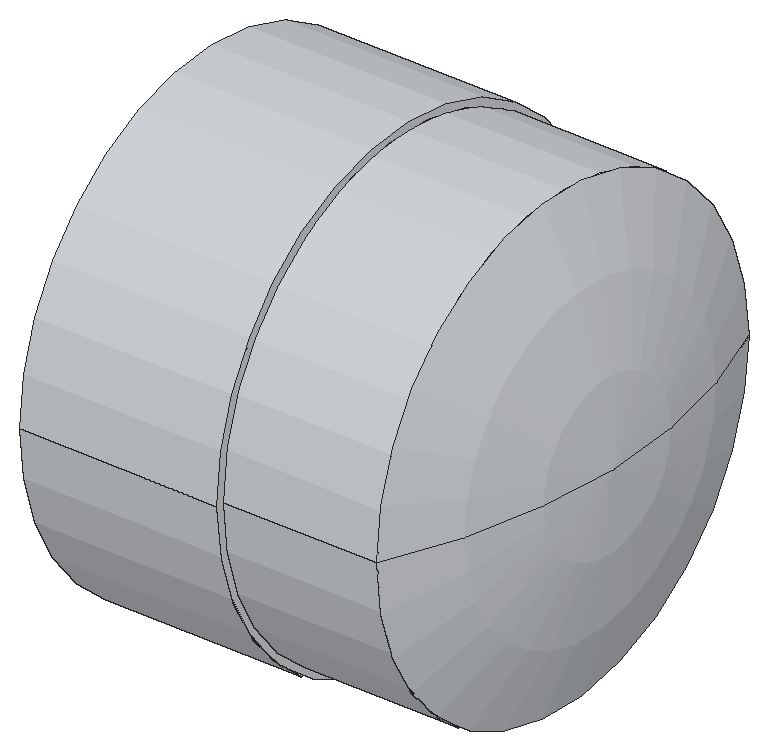
Revit family "bc42cfd85e3b4452afd7698b1477e18f", category Pipe Fittings, Revit 2021
Family settings
  Round Connector Dimension = Use Radius
  Part Type = Cap
  OmniClass Number = 23.60.30.11.14
  OmniClass Title = Pipework Fittings
  Seek Item ID = Cap - Threaded - MI - Class 300-0000-USA-ENU
  Work Plane-Based = No
  Always vertical = Yes
  Cut with Voids When Loaded = No
  Shared = No
Parameters (values of type "Standard")
  Radius 1 [instance] = 0.5 * Fitting Outside Radius ^ 2 / Length 1 + Length 1 / 2  # 1.07179"
  Loss Method = Not Defined
  Lookup Table Name = "Cap - Threaded - MI - Class 300"
  Length 1 [instance] = (Height - Band Width) * 0.25  # 0.09941"
  Nominal Radius [instance] = 1/8"
  Nominal Diameter [instance] = Nominal Radius * 2  # 1/4"
  Metal Thickness [instance] = size_lookup(Lookup Table Name, "MThk", 0.092 * Nominal Diameter + 5/32", Nominal Diameter)  # 0.1811"
  Height [instance] = size_lookup(Lookup Table Name, "Hgt", 0.5 * Nominal Diameter + 87/128", Nominal Diameter)  # 0.77953"
  Fitting Outside Radius [instance] = Fitting Outside Diameter / 2  # 0.45079"
  Fitting Outside Diameter [instance] = Fitting Inside Diameter + Metal Thickness * 2  # 0.90157"
  Fitting Inside Diameter [instance] = size_lookup(Lookup Table Name, "FID", 1.04 * Nominal Diameter + 67/256", Nominal Diameter)  # 0.53937"
  Default Elevation = 0' - 0"
  Band Width [instance] = size_lookup(Lookup Table Name, "BWid", 0.22 * Nominal Diameter + 97/256", Nominal Diameter)  # 0.38189"
  Band Outside Radius [instance] = Band Outside Diameter / 2  # 0.46457"
  Band Outside Diameter [instance] = size_lookup(Lookup Table Name, "BOD", 1.3 * Nominal Diameter + 19/32", Nominal Diameter)  # 0.92913"
  Angle [instance] = asin(Fitting Outside Radius / Radius 1)  # 24.8721°
Reference planes (in)
  plane 1 "Center (Front/Back)": y = 0
  plane 2: z = 0
  plane 3 "Center (Left/Right)": x = 0
  plane 4: x = 0.77953
  plane 5: x = 0.38189
  plane 6: x = -0.29226
  plane 7: x = 0.68012
  plane 8: y = 0.45079
Forms (in)
  Extrusion 1, solid, detail levels fine
    sketch origin (0, 0, 0) x (0, 1, 0) y (0, 0, 1)
      loop
        circle (0, 0) r 0.46457
    from 0 to 0.38189
  Revolve 2, solid, detail levels fine
    sketch origin (0, 0, 0) x (1, 0, 0) y (0, 1, 0)
      loop
        arc (0.77953, 0) -> (0.75438, 0.23081) -> (0.68012, 0.45079) r 1.07179
        line (0.68012, 0.45079) -> (0.38189, 0.45079) -> (0.38189, 0) -> (0.77953, 0)
      axis (0.38189, 0) -> (0.77953, 0)
    angle from 0 to 360
Cuts and joins
  joined: Extrusion 1, Revolve 2
Lines and regions (in)
  model lines, detail levels coarse+medium
    curve 1: line (0, 0.46457, 0) -> (0.77953, 0.46457, 0)
    curve 2: line (0, -0.46457, 0) -> (0.77953, -0.46457, 0)
    curve 3: line (0.77953, -0.46457, 0) -> (0.77953, 0.46457, 0)
Dimensions and locks (in)
  "Height": plane 3 "Center (Left/Right)" to plane 4
  "Band Width": plane 3 "Center (Left/Right)" to plane 5
  equal spacing: curve 2, plane 1 "Center (Front/Back)", curve 1
  "Band Outside Diameter": curve 2 to curve 1
  equal spacing: curve 3, plane 1 "Center (Front/Back)", curve 3
  "Band Outside Diameter": curve 3 to curve 3
  "Radius 1": plane 6 to plane 4
  "Length 1": plane 7 to plane 4
  "Fitting Outside Radius": plane 8 to plane 1 "Center (Front/Back)"
  "Band Outside Radius": radius of Extrusion 1 sketch curve
  "Radius 1": radius of Revolve 2 sketch curve
  "Angle": angle Revolve 2 sketch curve to Revolve 2 sketch curve
  aligned and locked: plane 1 "Center (Front/Back)" to Extrusion 1 sketch curve
  aligned and locked: plane 2 to Extrusion 1 sketch curve
  aligned and locked: Extrusion 1 to plane 3 "Center (Left/Right)"
  aligned and locked: plane 5 to Extrusion 1
  aligned and locked: plane 3 "Center (Left/Right)" to curve 2
  aligned and locked: plane 3 "Center (Left/Right)" to curve 1
  aligned and locked: plane 4 to curve 3
  aligned and locked: plane 1 "Center (Front/Back)" to Revolve 2 sketch curve  (x4)
  aligned and locked: Revolve 2 sketch curve to plane 8
  aligned and locked: Revolve 2 sketch curve to plane 5
  aligned and locked: plane 4 to Revolve 2 sketch curve
  aligned and locked: plane 5 to Revolve 2 sketch curve
Automatic sketch dimensions
  Revolve 2 sketch curve to Revolve 2 sketch curve = 0' - 0 33/256"
  Revolve 2 sketch curve to Revolve 2 sketch curve = 0' - 0.40688"
Connectors (in)
  piping at (0, 0, 0), diameter 0.25, driven by "Nominal Radius"
    settings: on Extrusion 1, index 1, connector inside diameter 24", connector length 0' - 0", flow factor 0, pipe flow 0 GPM, pressure drop 0.00 psi, fitting loss kfactor 0, connector angle 0.00°, fixture units 0, engagement length 0' - 0", angle of deflection 0.00°, flow configuration 0, flow direction 0, fitting loss method 0, system type 28, joint type 0, gender type 0, connector reference index -1, connector utility 0, adjustable connector no, is connector primary yes, connector description ""
